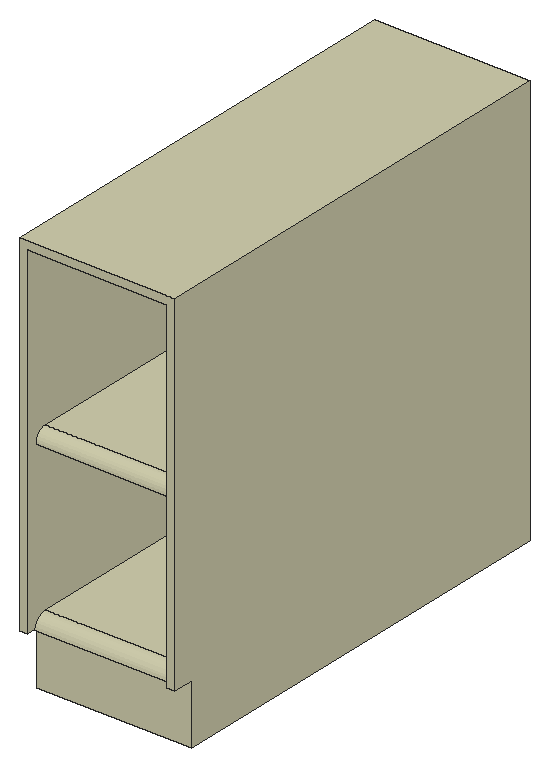
Revit family "Wenger Cabinet 61", category Furniture, Revit 2011
Parameters (values of type "Standard Cabinet #61")
  URL = "http://www.wengercorp.com/Home/Contact.html"
  Toekick Material [instance] = none
  RH End Panel [instance] = no
  Model = "61"
  Manufacturer = "Wenger Corporation"
  LH End Panel [instance] = no
  End Panel Material [instance] = none
  Edge Banding Material [instance] = none
  Door Material [instance] = none
  Description = "Standard Cabinet #61"
  Cabinet Width = 1' - 2 3/8"
  Cabinet Label = Labels : Standard
  Cabinet Height = 3' - 2 5/16"
  Cabinet Depth = 3' - 5 1/4"
  Cabinet Back Thickness = 0' - 0 3/4"
  Assembly Code = ""
Types (4): name | Model | Description | Cabinet Width | Cabinet Label | Cabinet Depth | Cabinet Back Thickness
  Standard Cabinet #61 | "61" | "Standard Cabinet #61" | 1' - 2 3/8" | Labels : Standard | 3' - 5 1/4" | 0' - 0 3/4"
  Acoustic Cabinet #61 | "61A" | "Acoustic Cabinet #61" | 1' - 2 3/8" | Labels : Acoustic | 3' - 7 3/4" | 0' - 3 1/4"
  Narrow Acoustic Cabinet #61 | "61NA" | "Narrow Acoustic Cabinet #61" | 0' - 11 3/8" | Labels : Narrow Acoustic | 3' - 7 3/4" | 0' - 3 1/4"
  Narrow Cabinet #61 | "61N" | "Narrow Cabinet #61" | 0' - 11 3/8" | Labels : Narrow | 3' - 5 1/4" | 0' - 0 3/4"
Reference planes (in)
  plane 1 "Front": y = 0
  plane 2: z = 0
  plane 3 "Left": x = 0
  plane 4 "Right": x = 14.375
  plane 5 "Back": y = 41.25
  plane 6 "Top": z = 38.3125
  plane 7: z = 5.625
  plane 8: z = 21.03125
  plane 9: x = 0.75
  plane 10: x = 13.625
  plane 11: z = 37.5625
  plane 12: y = 40.5
  plane 13: y = 2
  plane 14: y = 0.75
  plane 15: z = 22.15625
  plane 16: z = 6.75
Forms (in)
  Extrusion 1, solid, material "Wenger - Oyster"
    sketch origin (0, 0, 0) x (0, 1, 0) y (0, 0, 1)
      loop
        line (0, 38.3125) -> (0, 5.625) -> (2, 5.625) -> (2, 0) -> (41.25, 0) -> (41.25, 38.3125) -> (0, 38.3125)
    from 0 to 14.375
  Extrusion 2, void
    sketch origin (0, 0, 0) x (0, 1, 0) y (0, 0, 1)
      loop
        line (0, 37.5625) -> (0, 5.625) -> (0.73621, 5.625)
        arc (0.73621, 5.625) -> (1.15605, 6.42816) -> (2.00325, 6.75) r 1.276
        line (2.00325, 6.75) -> (40.5, 6.75) -> (40.5, 21.03125) -> (0.875, 21.03125)
        arc (0.875, 21.03125) -> (1.2045, 21.82675) -> (2, 22.15625) r 1.125
        line (2, 22.15625) -> (40.5, 22.15625) -> (40.5, 37.5625) -> (0, 37.5625)
    from 0.75 to 13.625
Cuts and joins
  Extrusion 2 cuts Extrusion 1
Lines and regions (in)
  symbolic lines
    curve 1: line (0, 41.25, 0) -> (14.375, 41.25, 0)
    curve 2: line (0, 0, 0) -> (0, 41.25, 0)
    curve 3: line (14.375, 0, 0) -> (0, 0, 0)
    curve 4: line (14.375, 41.25, 0) -> (14.375, 0, 0)
Dimensions and locks (in)
  locked: plane 3 "Left" to plane 9 at 0.75
  locked: plane 10 to plane 4 "Right" at 0.75
  "Cabinet Back Thickness": plane 5 "Back" to plane 12
  locked: plane 1 "Front" to plane 14 at 0.75
  locked: plane 1 "Front" to plane 13 at 2
  locked: plane 15 to plane 8 at 1.125
  locked: plane 6 "Top" to plane 11 at 0.75
  locked: plane 16 to plane 7 at 1.125
  plane 10 to plane 3 "Left" = 1' - 1 5/8"
  "Cabinet Width": plane 3 "Left" to plane 4 "Right"
  locked: plane 7 to level at 5.625
  "Cabinet Height": plane 6 "Top" to level
  "Cabinet Depth": plane 1 "Front" to plane 5 "Back"
  plane 9 to plane 10 = 1' - 0 7/8"
  plane 11 to plane 7 = 2' - 7 15/16"
  equal spacing: plane 11, plane 15, plane 16
  aligned and locked: Extrusion 1 sketch curve to plane 6 "Top"
  aligned and locked: Extrusion 1 sketch curve to plane 5 "Back"
  aligned and locked: Extrusion 1 sketch curve to plane 1 "Front"
  aligned and locked: Extrusion 1 sketch curve to plane 7
  aligned and locked: Extrusion 1 sketch curve to plane 13
  aligned and locked: Extrusion 1 sketch curve to level
  aligned and locked: Extrusion 1 to plane 4 "Right"
  aligned and locked: Extrusion 1 to plane 3 "Left"
  aligned and locked: plane 3 "Left" to curve 2
  aligned and locked: curve 1 to plane 5 "Back"
  aligned and locked: plane 4 "Right" to curve 4
  aligned and locked: curve 3 to plane 1 "Front"
  aligned and locked: Extrusion 2 to plane 10
  aligned and locked: Extrusion 2 to plane 9
Automatic sketch dimensions
  Extrusion 2 sketch curve to plane 1 "Front" = 0' - 0"
  plane 14 to Extrusion 2 sketch curve = 0' - 0.01379"
  Extrusion 2 sketch curve to plane 8 = 0' - 0"
  Extrusion 2 sketch curve to plane 13 = 0' - 0"
  Extrusion 2 sketch curve to plane 13 = 0' - 0.00325"
  Extrusion 2 sketch curve to plane 12 = 0' - 0"  (x2)
  Extrusion 2 sketch curve to plane 16 = 0' - 0"
  Extrusion 2 sketch curve to plane 15 = 0' - 0"
  Extrusion 2 sketch curve to plane 11 = 0' - 0"
  plane 7 to Extrusion 2 sketch curve = 0' - 0"
Nested families (in)
  nested 1: "LH End Panel" at (0, 26.25, 0) x (0, -1, 0) z (0, 0, 1), End Panel Material <- "End Panel Material", visible <- "LH End Panel", Edge Banding Material <- "Edge Banding Material", type "20x84 LH"
    with End Panel Material none, Edge Banding Material none, End Panel Height 3' - 2 5/16", End Panel Depth 3' - 5 1/4"
  nested 2: "RH End Panel" at (15.125, 26.25, 0) x (0, -1, 0) z (0, 0, 1), End Panel Material <- "End Panel Material", visible <- "RH End Panel", Edge Banding Material <- "Edge Banding Material", type "20x84 RH"
    with End Panel Material none, Edge Banding Material none, End Panel Height 3' - 2 5/16", End Panel Depth 3' - 5 1/4"
  nested 3: "Labels" at (7.08333, 23.21561, 0) x (0, 1, 0) z (0, 0, 1), type <- "Cabinet Label", type "Standard"
  nested 4: "Front Note" at (6.53977, 0.75, 0), type "Front Note", detail levels medium+fine
Definition of nested family "LH End Panel"
  Parameters (values of type "20x84 LH")
    End Panel Material [instance] = none
    End Panel Height = 7' - 1 5/8"
    End Panel Depth = 1' - 7 1/4"
    Edge Banding Material [instance] = none
    Default Elevation = 4' - 0"
    Assembly Code = ""
  Reference planes (in)
    plane 1 "Center (Front/Back)": y = 0
    plane 2: z = 0
    plane 3 "Center (Left/Right)": x = 0
    plane 4: x = -15
    plane 5: x = 4.25
    plane 6: z = 5.625
    plane 7: x = 2.25
    plane 8: z = 85.625
    plane 9: y = -0.75
  Forms (in)
    Extrusion 1, solid, material <- "End Panel Material"
      sketch origin (0, 0, 0) x (1, 0, 0) y (0, 0, 1)
        loop
          line (-15, 85.625) -> (-15, 0) -> (2.25, 0) -> (2.25, 5.625) -> (4.25, 5.625) -> (4.25, 85.625) -> (-15, 85.625)
      from 0 to 0.75
  Dimensions and locks (in)
    locked: plane 7 to plane 5 at 2
    locked: plane 6 to level at 5.625
    "End Panel Height": plane 8 to level
    "End Panel Depth": plane 5 to plane 4
    locked: plane 9 to plane 1 "Center (Front/Back)" at 0.75
    aligned and locked: plane 4 to Extrusion 1 sketch curve
    aligned and locked: level to Extrusion 1 sketch curve
    aligned and locked: plane 7 to Extrusion 1 sketch curve
    aligned and locked: plane 6 to Extrusion 1 sketch curve
    aligned and locked: Extrusion 1 sketch curve to plane 5
    aligned and locked: Extrusion 1 sketch curve to plane 8
    aligned and locked: Extrusion 1 to plane 9
    aligned and locked: Extrusion 1 to plane 1 "Center (Front/Back)"
Definition of nested family "RH End Panel"
  Parameters (values of type "20x84 RH")
    End Panel Material [instance] = none
    End Panel Height = 7' - 1 5/8"
    End Panel Depth = 1' - 7 1/4"
    Edge Banding Material [instance] = none
    Default Elevation = 4' - 0"
    Assembly Code = ""
  Reference planes (in)
    plane 1 "Center (Front/Back)": y = 0
    plane 2: z = 0
    plane 3 "Center (Left/Right)": x = 0
    plane 4: x = -15
    plane 5: x = 4.25
    plane 6: z = 5.625
    plane 7: x = 2.25
    plane 8: z = 85.625
    plane 9: y = -0.75
  Forms (in)
    Extrusion 1, solid, material <- "End Panel Material"
      sketch origin (0, 0, 0) x (1, 0, 0) y (0, 0, 1)
        loop
          line (-15, 85.625) -> (-15, 0) -> (2.25, 0) -> (2.25, 5.625) -> (4.25, 5.625) -> (4.25, 85.625) -> (-15, 85.625)
      from 0 to 0.75
  Dimensions and locks (in)
    locked: plane 7 to plane 5 at 2
    locked: plane 6 to level at 5.625
    "End Panel Height": plane 8 to level
    "End Panel Depth": plane 5 to plane 4
    locked: plane 9 to plane 1 "Center (Front/Back)" at 0.75
    aligned and locked: plane 4 to Extrusion 1 sketch curve
    aligned and locked: level to Extrusion 1 sketch curve
    aligned and locked: plane 7 to Extrusion 1 sketch curve
    aligned and locked: plane 6 to Extrusion 1 sketch curve
    aligned and locked: Extrusion 1 sketch curve to plane 5
    aligned and locked: Extrusion 1 sketch curve to plane 8
    aligned and locked: Extrusion 1 to plane 9
    aligned and locked: Extrusion 1 to plane 1 "Center (Front/Back)"
Definition of nested family "Labels"
  Parameters (values of type "Standard")
    Cabinet Label = "01"
  Types (4): name | Cabinet Label
    Standard | "01"
    Narrow | "01N"
    Narrow Acoustic | "01NA"
    Acoustic | "01A"
  Reference planes (in)
    plane 1: y = 0
    plane 2: x = 0
  Text (in)
    label "xxxx" at (-0.00018, 0.00754, 0), shows "Cabinet Label"
Definition of nested family "Front Note"
  Parameters (values of type "Front Note")
    Cabinet Label = "Front"
  Reference planes (in)
    plane 1: y = 0
    plane 2: x = 0
  Text (in)
    label "Front" at (-0.00018, 0.00754, 0), shows "Cabinet Label"
